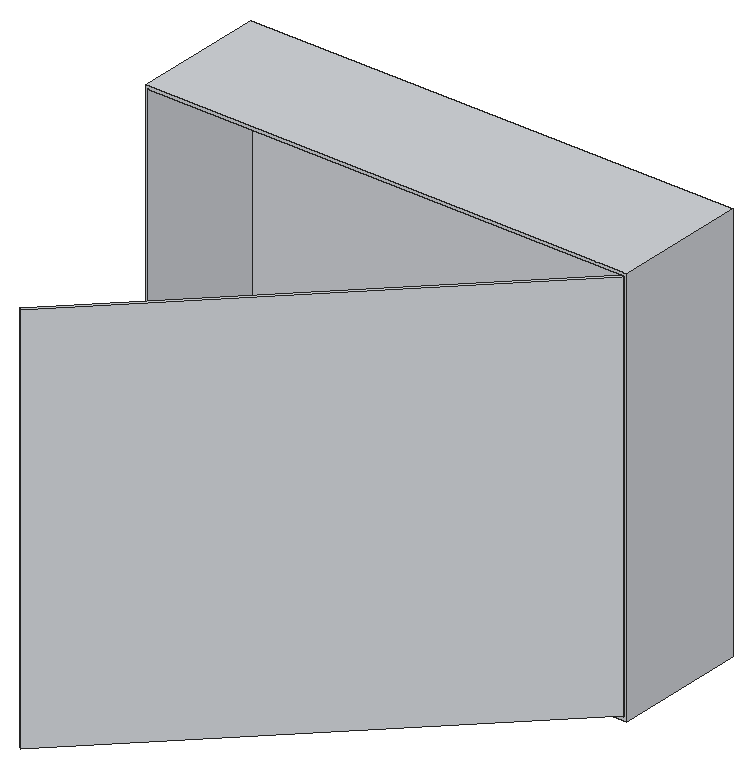
Revit family "Univers-IP41-leer-Aufputz-NoHosted-AT-de", category Electrical Equipment, Revit 2020
Family settings
  Panel Configuration = Two Columns, Circuits Across
  Round Connector Dimension = Use Diameter
  Part Type = Panelboard
  Work Plane-Based = Yes
  Always vertical = Yes
  Cut with Voids When Loaded = No
  Shared = No
  Room Calculation Point = No
Parameters (values of type "Aufputz IP41 B540 H450 T148 0 Teilungseinheiten - FB3008SN")
  Width Control [instance] = if([HG000006 - Unterputz], if([EF000846 - Einbaubreite] > min_whd, [EF000846 - Einbaubreite], min_whd), if([EF000008 - Breite] > min_whd, ([EF000008 - Breite]), min_whd))  # 540 mm
  Void Depth [instance] = if([EF000218 - Einbautiefe] > 1 mm, [EF000218 - Einbautiefe], 1 mm)  # 84 mm
  Type Comments = [HG000003 - Bereich]  # "Univers"
  System Height [instance] = Height Control - 2 * [HG000005 - Dicke]  # 444 mm
  Panel Name [instance] = ""  # (empty or 0)
  Offset [instance] = 0 mm
  Model = [HG000004 - Herstellerreferenz]  # "FB3008SN"
  Level Offset [instance] = [Flush Mounted - Door Frame Width] + Offset  # 0 mm
  HG000011 - Leere Reihen von unten = no
  HG000010 - Asymmetrische Türen = no
  HG000009 - Doppelflügeligen Tür = no
  HG000008 - Anzahl der leeren Reihen = 0
  HG000007 - Anzahl der leeren Spalten = 0
  HG000006 - Unterputz = no
  HG000005 - Dicke = 3 mm  # constant formula
  HG000004 - Herstellerreferenz = "FB3008SN"
  HG000003 - Bereich = "Univers"
  HG000002 - Mit tür = yes
  HG000001 - Anzahl der Spalten = 0
  EF015941 - Signaldurchlassende Tür = no
  EF015777 - Neutralleiterklemmenblock = no
  EF015776 - Erdungsklemmenblock = no
  EF009212 - Ausführung Deckel = "EV000116 - geschlossen"
  EF006306 - Mit Schloss = no
  EF006244 - Transparenter Deckel/Tür = no
  EF005474 - Schutzart (IP) = "EV006416 - IP41"
  EF004462 - Art der Schließung = "0"
  EF002950 - Breite in Teilungseinheiten = 0
  EF001596 - Werkstoff des Gehäuses = "EV000154 - sonstige"
  EF001134 - DIN-Schiene = no
  EF001131 - Innentiefe = 84 mm
  EF001088 - Anbaumöglichkeit = no
  EF001062 - EMV-Ausführung = no
  EF000846 - Einbaubreite = 300 mm
  EF000339 - Art der Abdeckung = "EV004216 - Tür"
  EF000332 - Einbauhöhe = 0 mm
  EF000266 - Anzahl der Reihen = 0
  EF000218 - Einbautiefe = 84 mm
  EF000118 - Mit Montageplatte = no
  EF000116 - RAL-Nummer = "9010"
  EF000049 - Tiefe = 148 mm
  EF000040 - Höhe = 450 mm
  EF000008 - Breite = 540 mm
  EF000007 - Farbe = "EV000202 - weiß"
  EF000003 - Montageart = "EV000384 - Aufputz"
  Description = ""
  Default Elevation = 1219.2 mm
  Arrow Offset [instance] = Depth Control / 8  # 18.5 mm
  Arrow Height [instance] = Depth Control - Arrow Offset  # 129.5 mm
  Host Offset [instance] = if([HG000006 - Unterputz], 0 mm, [EF000049 - Tiefe])  # 148 mm
  min_whd [instance] = (2 * [HG000005 - Dicke]) + 1 mm  # 7 mm
  Manufacturer = "Hager"  # constant formula
  Height Control [instance] = if([HG000006 - Unterputz], if([EF000332 - Einbauhöhe] > min_whd, [EF000332 - Einbauhöhe], min_whd), if([EF000040 - Höhe] > min_whd, ([EF000040 - Höhe]), min_whd))  # 450 mm
  Flush Mounted - Door Frame Width [instance] = if(([EF000040 - Höhe] - [EF000332 - Einbauhöhe]) > 0 mm, if([HG000006 - Unterputz], [EF000040 - Höhe] - [EF000332 - Einbauhöhe], 0 mm), 0 mm)  # 0 mm
  Tür rechts [instance] = yes
  Tür links [instance] = not(Tür rechts)  # no
  Türschwenkwinkel [instance] = 45.00°
  3D-Türsichtbarkeit [instance] = yes
  Depth Control [instance] = if([HG000006 - Unterputz], if([EF000218 - Einbautiefe] > 0 mm, [EF000218 - Einbautiefe], 1 mm), if([EF000049 - Tiefe] > 0 mm, ([EF000049 - Tiefe]), 1 mm))  # 148 mm
  Sichtbarkeit der Türöffnung [instance] = no
Types (3, lengths in mm): name | Width Control | System Height | Model | HG000004 - Herstellerreferenz | EF004462 - Art der Schließung | EF000846 - Einbaubreite | EF000049 - Tiefe | EF000040 - Höhe | EF000008 - Breite | Arrow Offset | Arrow Height | Host Offset | Height Control | Depth Control
  Aufputz IP41 B350 H350 T128 0 Teilungseinheiten - FB2008LN | 350 | 344 | "FB2008LN" | "FB2008LN" | "EV000154 - sonstige" | 200 | 128 | 350 | 350 | 16 | 112 | 128 | 350 | 128
  Aufputz IP41 B450 H450 T128 0 Teilungseinheiten - FB3008LN | 450 | 444 | "FB3008LN" | "FB3008LN" | "EV000154 - sonstige" | 300 | 128 | 450 | 450 | 16 | 112 | 128 | 450 | 128
  Aufputz IP41 B540 H450 T148 0 Teilungseinheiten - FB3008SN | 540 | 444 | "FB3008SN" | "FB3008SN" | "0" | 300 | 148 | 450 | 540 | 18.5 | 129.5 | 148 | 450 | 148
Reference planes
  plane 1 "Center (Front/Back)": y = 0
  plane 2: z = 0
  plane 3 "Center (Left/Right)": x = 0
  plane 4: y = 3
  plane 5: y = 0
  plane 6: y = 0
  plane 7: z = 0
  plane 8: x = -270
  plane 9: x = 270
  plane 10: x = 267
  plane 11: x = -267
  plane 12: z = 0
  plane 13: z = 3
  plane 14: y = -143
  plane 15: y = -148
  plane 16: y = -3
  plane 17: z = 447
  plane 18: z = 450
  plane 19: z = 225
  plane 20: x = 2000
  plane 21: x = 0
  plane 22: y = -2100
  plane 23: y = -100
Forms (mm)
  Extrusion 1, solid
    sketch origin (-208.679, -4572, 0) x (-1, 0, 0) y (0, -1, 0)
      loop
        line (61.321, -4424) -> (-478.679, -4424) -> (-478.679, -4572) -> (61.321, -4572) -> (61.321, -4424)
    from 0 to 450 <- "Height Control"
  Extrusion 2, void
    sketch origin (-350.771, -148, 1219.2) x (1, 0, 0) y (0, 0, 1)
      loop
        line (83.771, -772.2) -> (83.771, -1216.2) -> (617.771, -1216.2) -> (617.771, -772.2) -> (83.771, -772.2)
    from 0 to -145
  Extrusion 3, solid, detail levels coarse
    sketch origin (-350.771, -148, 1219.2) x (-1, 0, 0) y (0, 0, 1)
      loop
        line (-83.771, -772.2) -> (-617.771, -772.2) -> (-617.771, -1216.2) -> (-83.771, -1216.2) -> (-83.771, -772.2)
    from 0 to 3 <- "HG000005 - Dicke"
Cuts and joins
  Extrusion 2 cuts Extrusion 1
Dimensions and locks
  "Flush Mounted - Door Frame Width": plane 1 "Center (Front/Back)" to plane 6
  "HG000005 - Dicke": plane 4 to plane 6
  "HG000005 - Dicke": plane 8 to plane 11
  "HG000005 - Dicke": plane 9 to plane 10
  equal spacing: plane 8, plane 3 "Center (Left/Right)", plane 9
  "Width Control": plane 8 to plane 9
  locked: plane 14 to plane 15 at 5
  "Host Offset": plane 1 "Center (Front/Back)" to plane 15
  "Depth Control": plane 5 to plane 15
  "HG000005 - Dicke": plane 5 to plane 16
  "HG000005 - Dicke": plane 13 to plane 12
  "Level Offset": plane 12 to level
  "HG000005 - Dicke": plane 18 to plane 17
  "Height Control": plane 18 to plane 12
  "Arrow Offset": plane 5 to nested 4
  equal spacing: plane 18, plane 19, plane 12
  locked: connector elem to plane 19
  locked: connector elem to plane 3 "Center (Left/Right)"
  locked: plane 3 "Center (Left/Right)" to plane 20 at 2000
  locked: plane 21 to plane 20 at 2000
  locked: plane 23 to plane 22 at 2000
  aligned and locked: nested 1 to plane 14
  aligned and locked: plane 3 "Center (Left/Right)" to nested 1
  aligned and locked: plane 3 "Center (Left/Right)" to nested 2
  aligned and locked: nested 2 to plane 15
  aligned and locked: plane 5 to Extrusion 1
  aligned and locked: Extrusion 3 sketch curve to plane 17
  aligned and locked: Extrusion 3 sketch curve to plane 11
  aligned and locked: Extrusion 3 sketch curve to plane 13
  aligned and locked: Extrusion 3 sketch curve to plane 10
  aligned and locked: Extrusion 2 sketch curve to plane 13
  aligned and locked: Extrusion 2 sketch curve to plane 10
  aligned and locked: Extrusion 2 sketch curve to plane 17
  aligned and locked: Extrusion 2 sketch curve to plane 11
  aligned and locked: plane 16 to Extrusion 2
  aligned and locked: plane 5 to Extrusion 1 sketch curve
  aligned and locked: plane 9 to Extrusion 1 sketch curve
  aligned and locked: plane 8 to Extrusion 1 sketch curve
  aligned and locked: plane 8 to nested 4
  aligned and locked: plane 8 to nested 3
  aligned and locked: nested 3 to plane 5
  aligned and locked: Extrusion 1 sketch curve to plane 15
  aligned and locked: Extrusion 2 to plane 15
Nested families
  nested 1: "Hager_Enclosure_System" at (0, -143, 3), No_Columns <- "HG000001 - Anzahl der Spalten", Flush_Mounted <- "HG000006 - Unterputz", Width <- "EF000008 - Breite", Height <- "System Height", Width_Control <- "Width Control", Row_Module_Multiplicator <- "EF002950 - Breite in Teilungseinheiten", Empty_Columns <- "HG000007 - Anzahl der leeren Spalten", No_Rows <- "EF000266 - Anzahl der Reihen", Built-in_Width <- "EF000846 - Einbaubreite", Border <- "HG000005 - Dicke", Total_No_Empty_Rows <- "HG000008 - Anzahl der leeren Reihen", Depth <- "HG000005 - Dicke", Empty_Rows_From_Bottom <- "HG000011 - Leere Reihen von unten", type "Hager_Enclosure_System", detail levels medium+fine
    with Width_Control 540 mm, Width 540 mm, Total_No_Rows 0, Total_No_Empty_Rows 0, Total_No_Columns 1, System_Width 534 mm, Rows_Column 0, Row_Module_Multiplicator 0, Panel_4 no, Panel_3 no, Panel_2 no, Panel_1 no, No_Rows 0, No_Panels_Ctrl 1, No_Columns 0, Hide_Columns yes, Height 444 mm, Flush_Mounted no, Empty_Rows_From_Bottom no, Empty_Rows_Column 0, Empty_Columns 0, Depth 3 mm, Column_Width 534 mm, Built-in_Width 300 mm, Border 3 mm
  nested 2: "Hager_Enclosure_Door" at (0, -148, 0), Double <- "HG000009 - Doppelflügeligen Tür", Height_Ctrl <- "Height Control", Transparent <- "EF006244 - Transparenter Deckel/Tür", Depth <- "EF000049 - Tiefe", Height <- "EF000040 - Höhe", Angle <- "Türschwenkwinkel", Door_Right <- "Tür rechts", Assymetrical <- "HG000010 - Asymmetrische Türen", Flush_Mounted <- "HG000006 - Unterputz", BuiltIn_Depth <- "EF000218 - Einbautiefe", BuiltIn_Width <- "EF000846 - Einbaubreite", Door <- "HG000002 - Mit tür", Width_Ctrl <- "Width Control", 3d_Door <- "3D-Türsichtbarkeit", Width <- "EF000008 - Breite", Border <- "HG000005 - Dicke", BuiltIn_Height <- "EF000332 - Einbauhöhe", Clearance <- "Sichtbarkeit der Türöffnung", Door_Left <- "Tür links", type "Hager_Enclosure_Door", detail levels medium+fine
    with min_wh 7 mm, Width_Ctrl 540 mm, Width 540 mm, Transparent no, Leaf_Width 531 mm, Leaf_Tolerance 1.5 mm, Leaf_Height 441 mm, Leaf_2_Width 531 mm, Leaf_2_Offset 265.5 mm, Leaf_1_Width 531 mm, Leaf_1_Offset 265.5 mm, Height_Ctrl 450 mm, Height 450 mm, Frame_Width_Ctrl 240 mm, Frame_Width 240 mm, Frame_Internal_Offset 0 mm, Frame_Height_Ctrl 450 mm, Frame_Height 450 mm, Frame_Depth_Ctrl 1 mm, Frame_Depth 0 mm, Flush_Mounted no, Double_Clearance_Ctrl no, Double no, Door_Right_Ctrl yes, Door_Right yes, Door_Left_Ctrl no, Door_Left no, Door yes, Depth 148 mm, Clearance_Depth 531 mm, Clearance_Ctrl no, Clearance no, BuiltIn_Width 300 mm, BuiltIn_Height 0 mm, BuiltIn_Depth 84 mm, Border 3 mm, Assymetrical no, Angle 45.00°, 3d_Door yes
  nested 3: "Hager_Enclosure_Symbol_Triangle" at (-270, 0, 0), Depth <- "Depth Control", Width <- "Width Control", type "Hager_Enclosure_Symbol_Triangle"
    with Width_Ctrl 540 mm, Width 540 mm, Depth_Ctrl 148 mm, Depth 148 mm
  nested 4: "Hager_Enclosure_Symbol_Arrow" at (-270, -18.5, 0), Height <- "Arrow Height", type "Hager_Enclosure_Symbol_Arrow"
    with Width_Inside 9.713 mm, Width 116.55 mm, Height_Ctrl 129.5 mm, Height 129.5 mm
Connectors
  electrical at (0, 0, 225)
    settings: on plane 5, index 1, voltage 0 V, apparent load 0 VA, apparent load phase1 0 VA, apparent load phase2 0 VA, apparent load phase3 0 VA, power factor 1, load classification "Other", number of poles 1, system type 30, power factor state 1, is connector primary yes, connector utility no, sub classification motor no, connector description ""
Definition of nested family "Hager_Enclosure_Door"
  Parameters (values of type "Hager_Enclosure_Door")
    min_wh [instance] = (2 * Border) + 1 mm  # 11 mm
    Width_Ctrl [instance] = 400 mm
    Width [instance] = 500 mm
    Transparent [instance] = yes
    Leaf_Width [instance] = if((Width_Ctrl - 2 * Border - 2 * Leaf_Tolerance) > 0 mm, (Width_Ctrl - 2 * Border - 2 * Leaf_Tolerance), min_wh)  # 387 mm
    Leaf_Tolerance [instance] = 1.5 mm  # constant formula
    Leaf_Height [instance] = if((Height_Ctrl - 2 * Border - 2 * Leaf_Tolerance) > 0 mm, (Height_Ctrl - 2 * Border - 2 * Leaf_Tolerance), min_wh)  # 387 mm
    Leaf_2_Width [instance] = if(and(and(Double, Assymetrical), Door_Left), (Leaf_Width / 3) - (Leaf_Tolerance / 2), if(and(and(Double, Assymetrical), Door_Right), (Leaf_Width / 3) * 2 - (Leaf_Tolerance / 2), if(and(Double, not(Assymetrical)), (Leaf_Width / 2) - Leaf_Tolerance, Leaf_Width)))  # 192 mm
    Leaf_2_Offset [instance] = if(and(Double, Assymetrical), Leaf_2_Width / 2, if(and(Double, not(Assymetrical)), Leaf_Width / 4, Leaf_Width / 2))  # 96.75 mm
    Leaf_1_Width [instance] = if(and(and(Double, Assymetrical), Door_Right), (Leaf_Width / 3) - (Leaf_Tolerance / 2), if(and(and(Double, Assymetrical), Door_Left), (Width / 3) * 2 - (Leaf_Tolerance / 2), if(and(Double, not(Assymetrical)), (Leaf_Width / 2) - Leaf_Tolerance, Leaf_Width)))  # 192 mm
    Leaf_1_Offset [instance] = if(and(Double, Assymetrical), Leaf_1_Width / 2, if(and(Double, not(Assymetrical)), Leaf_Width / 4, Leaf_Width / 2))  # 96.75 mm
    Height_Ctrl [instance] = 400 mm
    Height [instance] = 500 mm
    Frame_Width_Ctrl [instance] = if(Frame_Width > 0 mm, Frame_Width, 1 mm)  # 1 mm
    Frame_Width [instance] = Width - BuiltIn_Width  # 0 mm
    Frame_Internal_Offset [instance] = if(Flush_Mounted, Border, 0 mm)  # 0 mm
    Frame_Height_Ctrl [instance] = if(Frame_Height > 0 mm, Frame_Height, 1 mm)  # 1 mm
    Frame_Height [instance] = Height - BuiltIn_Height  # 0 mm
    Frame_Depth_Ctrl [instance] = if(Frame_Depth > 0 mm, Frame_Depth, 1 mm)  # 1 mm
    Frame_Depth [instance] = if(Depth - BuiltIn_Depth > 0 mm, if(Flush_Mounted, Depth - BuiltIn_Depth, 0 mm), 0 mm)  # 0 mm
    Flush_Mounted [instance] = no
    Double_Clearance_Ctrl [instance] = and(Double, Clearance)  # yes
    Double [instance] = yes
    Door_Right_Ctrl [instance] = and(or(Door_Right, Double), Door)  # yes
    Door_Right [instance] = yes
    Door_Left_Ctrl [instance] = and(or(Door_Left, Double), Door)  # yes
    Door_Left [instance] = no
    Door [instance] = yes
    Depth [instance] = 500 mm
    Default Elevation = 1219.2 mm
    Clearance_Material = none
    Clearance_Depth [instance] = if(Leaf_1_Width > Leaf_2_Width, Leaf_1_Width, Leaf_2_Width)  # 192 mm
    Clearance_Ctrl [instance] = and(not(Double), Clearance)  # no
    Clearance [instance] = yes
    BuiltIn_Width [instance] = 500 mm
    BuiltIn_Height [instance] = 500 mm
    BuiltIn_Depth [instance] = 500 mm
    Border [instance] = 5 mm
    Assymetrical [instance] = no
    Angle [instance] = 65.00°
    3d_Door [instance] = yes
  Reference planes
    plane 1 "Center (Front/Back)": y = 0
    plane 2 "Bottom": z = 0
    plane 3 "Center (Left/Right)": x = 0
    plane 4: z = 400
    plane 5: x = -200
    plane 6: x = 200
    plane 7: z = 395
    plane 8: x = -195
    plane 9: z = 5
    plane 10: x = 195
    plane 11: y = 0
    plane 12: z = 6.5
    plane 13: x = -387
    plane 14: y = -192
    plane 15: x = 387
    plane 16: x = -96.75
    plane 17: x = 96.75
    plane 18: x = -193.5
    plane 19: x = 193.5
    plane 20: z = 393.5
  Forms (mm)
    Extrusion 1, solid, visible <- "Flush_Mounted"
      sketch origin (0, 0, 0) x (1, 0, 0) y (0, 0, 1)
        loop
          line (200, 0) -> (200, 400) -> (-200, 400) -> (-200, 0) -> (200, 0)
        loop
          line (-201, 401) -> (-201, -1) -> (201, -1) -> (201, 401) -> (-201, 401)
      from 0 to 1 <- "Frame_Depth_Ctrl"
    Extrusion 2, solid, material <- "Clearance_Material", visible <- "Double_Clearance_Ctrl"
      sketch origin (1200, 0, 0) x (1, 0, 0) y (0, 0, -1)
        loop
          line (-1587, -393.5) -> (-813, -393.5) -> (-813, 0) -> (-1587, 0) -> (-1587, -393.5)
      from 0 to -192
  Dimensions and locks
    equal spacing: plane 5, plane 3 "Center (Left/Right)", plane 6
    "Width_Ctrl": plane 5 to plane 6
    "Border": plane 5 to plane 8
    "Border": plane 6 to plane 10
    "Border": plane 9 to level
    "Border": plane 4 to plane 7
    "Height_Ctrl": plane 4 to level
    "Leaf_Tolerance": plane 12 to plane 9
    "Frame_Depth": plane 11 to plane 1 "Center (Front/Back)"
    "Frame_Width_Ctrl": plane 5 to Extrusion 1 sketch curve
    "Frame_Width_Ctrl": plane 6 to Extrusion 1 sketch curve
    "Frame_Width_Ctrl": Extrusion 1 sketch curve to plane 4
    "Frame_Width_Ctrl": plane 2 "Bottom" to Extrusion 1 sketch curve
    "Leaf_1_Offset": plane 18 to plane 16
    "Leaf_2_Offset": plane 17 to plane 19
    "Leaf_1_Width": plane 13 to plane 8
    "Leaf_2_Width": plane 10 to plane 15
    "Clearance_Depth": plane 14 to plane 1 "Center (Front/Back)"
    "Leaf_Tolerance": plane 8 to plane 18
    "Leaf_Tolerance": plane 19 to plane 10
    "Leaf_Tolerance": plane 7 to plane 20
    "Frame_Internal_Offset": plane 5 to Extrusion 1 sketch curve
    "Frame_Internal_Offset": Extrusion 1 sketch curve to plane 2 "Bottom"
    "Frame_Internal_Offset": plane 6 to Extrusion 1 sketch curve
    "Frame_Internal_Offset": plane 4 to Extrusion 1 sketch curve
    aligned and locked: level to plane 2 "Bottom"
    aligned and locked: nested 1 to plane 16
    aligned and locked: nested 2 to plane 17
    aligned and locked: Extrusion 2 to plane 13
    aligned and locked: plane 15 to Extrusion 2
    aligned and locked: Extrusion 2 to plane 14
    aligned and locked: plane 12 to nested 1
    aligned and locked: nested 2 to plane 12
    aligned and locked: Extrusion 2 to plane 11
    aligned and locked: plane 20 to Extrusion 2
    aligned and locked: nested 2 to plane 11
    aligned and locked: nested 1 to plane 11
  Automatic sketch dimensions
    Extrusion 2 sketch curve to level = 0 mm
    plane 5 to Extrusion 2 sketch curve = 187 mm
    plane 6 to Extrusion 2 sketch curve = 187 mm
    Extrusion 2 sketch curve to plane 4 = 6.5 mm
  Nested families
    nested 1: "Hager_Enclosure_Door_Leaf" at (-96.75, 0, 6.5), Width <- "Leaf_1_Width", visible <- "Door_Left_Ctrl", Leaf_Height <- "Leaf_Height", Angle <- "Angle", Depth <- "Border", 3d_Door <- "3d_Door", Transparent <- "Transparent", Clearance Material <- "Clearance_Material", Clearance <- "Clearance_Ctrl", type "Hager_Enclosure_Door_Leaf"
      with Width 192 mm, Transparent_Door_Border 25 mm, Transparent_Ctrl yes, Transparent yes, Standard no, Leaf_Height 387 mm, Glass_Offset 1 mm, Depth 5 mm, Clearance Material none, Clearance no, Angle_Ctrl 65.00°, Angle 65.00°, 3d_Door yes
    nested 2: "Hager_Enclosure_Door_Leaf" at (96.75, 0, 6.5) x (-1, 0, 0) z (0, 0, 1), Width <- "Leaf_2_Width", visible <- "Door_Right_Ctrl", Leaf_Height <- "Leaf_Height", Angle <- "Angle", Depth <- "Border", 3d_Door <- "3d_Door", Transparent <- "Transparent", Clearance Material <- "Clearance_Material", Clearance <- "Clearance_Ctrl", type "Hager_Enclosure_Door_Leaf"
      with Width 192 mm, Transparent_Door_Border 25 mm, Transparent_Ctrl yes, Transparent yes, Standard no, Leaf_Height 387 mm, Glass_Offset 1 mm, Depth 5 mm, Clearance Material none, Clearance no, Angle_Ctrl 65.00°, Angle 65.00°, 3d_Door yes
  Definition of nested family "Hager_Enclosure_Door_Leaf"
    Parameters (values of type "Hager_Enclosure_Door_Leaf")
      Width [instance] = 200 mm
      Transparent_Door_Border [instance] = 25 mm  # constant formula
      Transparent_Ctrl [instance] = and(Transparent, [3d_Door])  # yes
      Transparent [instance] = yes
      Standard [instance] = and(not(Transparent), [3d_Door])  # no
      Leaf_Height [instance] = 500 mm
      Glass_Offset [instance] = if((Depth - 10 mm) / 2 > 0 mm, (Depth - 10 mm) / 2, 1 mm)  # 1 mm
      Glass_Material = none
      Depth [instance] = 3 mm
      Default Elevation = 0 mm
      Clearance Material [instance] = none
      Clearance [instance] = no
      Angle_Ctrl [instance] = if(Angle > 170.00°, 170.00°, Angle)  # 163.00°
      Angle [instance] = 163.00°
      3d_Door [instance] = yes
    Reference planes
      plane 1 "Center (Front/Back)": y = 0
      plane 2: z = 0
      plane 3 "Center (Left/Right)": x = 0
      plane 4: y = 200
      plane 5: x = -100
      plane 6: x = 100
      plane 7: x = -300
      plane 8: z = 500
      plane 9: z = 25
      plane 10: z = 475
      plane 11: x = 75
      plane 12: x = -75
    Forms (mm)
      Extrusion 1, solid, material <- "Clearance Material", visible <- "Clearance"
        sketch origin (0, 0, 0) x (1, 0, 0) y (0, 0, 1)
          loop
            line (-300, 500) -> (-300, 0) -> (100, 0) -> (100, 500) -> (-300, 500)
        from 0 to -200
      Extrusion 2, solid, visible <- "Standard", detail levels fine
        sketch origin (-100, 0, 0) x (-0.956305, 0.292372, 0) y (-0.292372, -0.956305, 0)
          loop
            line (0, -3) -> (200, -3) -> (200, 0) -> (0, 0) -> (0, -3)
        from 0 to 500 <- "Leaf_Height"
      Extrusion 3, solid, visible <- "Transparent_Ctrl", detail levels fine
        sketch origin (-100, 0, 0) x (-0.956305, 0.292372, 0) y (-0.292372, -0.956305, 0)
          loop
            line (0, -3) -> (200, -3) -> (200, 0) -> (0, 0) -> (0, -3)
        from 0 to 500 <- "Leaf_Height"
      Extrusion 4, void, detail levels fine
        sketch origin (-100, 0, 0) x (-0.292372, -0.956305, 0) y (-0.956305, 0.292372, 0)
          loop
            line (0, 25) -> (0, 175) -> (-3, 175) -> (-3, 25) -> (0, 25)
        from -475 to -25
      Extrusion 5, solid, material <- "Glass_Material", visible <- "Transparent_Ctrl", detail levels fine
        sketch origin (-100, 0, 0) x (-0.956305, 0.292372, 0) y (-0.292372, -0.956305, 0)
          loop
            line (25, -1) -> (25, -2) -> (175, -2) -> (175, -1) -> (25, -1)
        from 25 to 475
    Cuts and joins
      Extrusion 4 cuts Extrusion 3
    Lines and regions (mm)
      symbolic lines
        curve 1: line (100, 0, 0) -> (-300, 0, 0)
        curve 2: arc (100, 0, 0) -> (-100, 200, 0) -> (-300, 0, 0) r 200
        curve 4: line (-100, 0, 0) -> (-291.261, 58.474, 0)
      reference lines
        curve 3: line (-100, 0, 0) -> (-291.261, 58.474, 0)
      symbolic lines, detail levels medium+fine
        curve 5: line (-291.261, 58.474, 0) -> (-290.384, 61.343, 0)
        curve 6: line (-290.384, 61.343, 0) -> (-99.123, 2.869, 0)
        curve 7: line (-99.123, 2.869, 0) -> (-100, 0, 0)
      symbolic lines, detail levels fine
        curve 8: line (-100, 0, 500) -> (100, 0, 500)
        curve 9: line (-100, 0, 0) -> (-100, 0, 500)
        curve 10: line (100, 0, 0) -> (-100, 0, 0)
        curve 11: line (100, 0, 500) -> (100, 0, 0)
      symbolic lines, visible <- "Transparent_Ctrl", detail levels fine
        curve 12: line (-75, 0, 475) -> (75, 0, 475)
        curve 13: line (-75, 0, 25) -> (-75, 0, 475)
        curve 14: line (75, 0, 25) -> (-75, 0, 25)
        curve 15: line (75, 0, 475) -> (75, 0, 25)
    Dimensions and locks
      "Width": plane 1 "Center (Front/Back)" to plane 4
      equal spacing: plane 5, plane 3 "Center (Left/Right)", plane 6
      "Width": plane 5 to plane 6
      "Width": plane 7 to plane 5
      "Leaf_Height": plane 8 to level
      "Depth": curve 6 to curve 3
      "Width": curve 5 to curve 3
      "Width": curve 3 to curve 3
      "Transparent_Door_Border": Extrusion 4 sketch curve to curve 7
      "Transparent_Door_Border": Extrusion 4 sketch curve to curve 5
      "Transparent_Door_Border": plane 8 to plane 10
      "Transparent_Door_Border": plane 9 to level
      "Glass_Offset": Extrusion 5 sketch curve to curve 4
      "Glass_Offset": Extrusion 5 sketch curve to curve 6
      "Transparent_Door_Border": Extrusion 5 sketch curve to curve 5
      "Transparent_Door_Border": Extrusion 5 sketch curve to curve 7
      "Transparent_Door_Border": plane 12 to plane 5
      "Transparent_Door_Border": plane 6 to plane 11
      "Angle_Ctrl": angle plane 1 "Center (Front/Back)" to curve 3
      aligned and locked: level to plane 2
      aligned and locked: Extrusion 1 to curve 1
      aligned and locked: plane 6 to Extrusion 1
      aligned and locked: plane 1 "Center (Front/Back)" to Extrusion 1
      aligned and locked: plane 4 to Extrusion 1
      aligned and locked: plane 8 to Extrusion 1
      aligned and locked: curve 4 to curve 3
      aligned and locked: Extrusion 2 sketch curve to curve 7
      aligned and locked: Extrusion 2 sketch curve to curve 6
      aligned and locked: Extrusion 2 sketch curve to curve 5
      aligned and locked: Extrusion 2 sketch curve to curve 3
      aligned and locked: curve 7 to Extrusion 3 sketch curve
      aligned and locked: Extrusion 3 sketch curve to curve 4
      aligned and locked: Extrusion 3 sketch curve to curve 6
      aligned and locked: Extrusion 3 sketch curve to curve 5
      aligned and locked: curve 4 to Extrusion 4 sketch curve
      aligned and locked: curve 6 to Extrusion 4 sketch curve
      aligned and locked: Extrusion 4 to plane 9
      aligned and locked: Extrusion 4 to plane 10
      aligned and locked: Extrusion 5 to plane 9
      aligned and locked: Extrusion 5 to plane 10
      aligned and locked: curve 8 to plane 8
      aligned and locked: plane 5 to curve 9
      aligned and locked: plane 2 to curve 10
      aligned and locked: curve 11 to plane 6
      aligned and locked: plane 10 to curve 12
      aligned and locked: plane 12 to curve 13
      aligned and locked: plane 9 to curve 14
      aligned and locked: plane 11 to curve 15
    Automatic sketch dimensions
      plane 1 "Center (Front/Back)" to curve 2 = 0 mm
      curve 2 to plane 5 = 0 mm
      Extrusion 1 sketch curve to level = 0 mm
      Extrusion 1 sketch curve to plane 7 = 0 mm
      Extrusion 1 sketch curve to plane 6 = 0 mm
      Extrusion 1 sketch curve to plane 8 = 0 mm
      plane 1 "Center (Front/Back)" to curve 3 = 0 mm
      curve 3 to plane 5 = 0 mm
      curve 7 to curve 3 = 0 mm
Definition of nested family "Hager_Enclosure_Symbol_Triangle"
  Parameters (values of type "Hager_Enclosure_Symbol_Triangle")
    Width_Ctrl [instance] = if(Width > 1 mm, Width, 1 mm)  # 498 mm
    Width [instance] = 498 mm
    Depth_Ctrl [instance] = if(Depth > 1 mm, Depth, 1 mm)  # 72 mm
    Depth [instance] = 72 mm
  Reference planes
    plane 1 "Centre (avant/arrière)": y = 0
    plane 2: z = 0
    plane 3 "Centre (gauche/droite)": x = 0
  Lines and regions (mm)
    Filled region 1, type "Solid_Black", in view "Niveau de réf."
      outline origin (0, 0, 0) x (1, 0, 0) y (0, 1, 0)
        loop
          line (0, 0) -> (498, 0) -> (498, 72) -> (0, 0)
    reference lines, in view "Niveau de réf."
      curve 1: line (-206.153, 72, 0) -> (1083.258, 72, 0)
      curve 2: line (498, 405.456, 0) -> (498, -517.619, 0)
  Dimensions and locks
    "Depth_Ctrl": plane 1 "Centre (avant/arrière)" to curve 1
    "Width_Ctrl": plane 3 "Centre (gauche/droite)" to curve 2
    aligned and locked: curve 1 to Filled region 1 sketch curve
    aligned and locked: Filled region 1 sketch curve to plane 1 "Centre (avant/arrière)"
    aligned and locked: curve 2 to Filled region 1 sketch curve
    aligned and locked: plane 3 "Centre (gauche/droite)" to Filled region 1 sketch curve
    aligned and locked: plane 1 "Centre (avant/arrière)" to Filled region 1 sketch curve
  Automatic sketch dimensions
    curve 1 to plane 3 "Centre (gauche/droite)" = 206.153 mm
    curve 2 to curve 1 = 585.258 mm
    plane 1 "Centre (avant/arrière)" to curve 2 = 517.619 mm
    curve 2 to plane 1 "Centre (avant/arrière)" = 405.456 mm
Definition of nested family "Hager_Enclosure_Symbol_Arrow"
  Parameters (values of type "Hager_Enclosure_Symbol_Arrow")
    Width_Inside [instance] = if(Width / 12 > 2 mm, Width / 12, 2 mm)  # 4.987 mm
    Width [instance] = if(Height_Ctrl * 0.9 > 2 mm, Height_Ctrl * 0.9, 2 mm)  # 59.85 mm
    Height_Ctrl [instance] = if(Height > 2 mm, Height, 2 mm)  # 66.5 mm
    Height [instance] = 66.5 mm
  Reference planes
    plane 1 "Centre (avant/arrière)": y = 0
    plane 2: z = 0
    plane 3 "Centre (gauche/droite)": x = 0
    plane 4: x = 59.85
    plane 5: y = 28.263
    plane 6: y = 38.238
    plane 7: y = 66.5
    plane 8: x = 29.925
    plane 9: y = 33.25
  Lines and regions (mm)
    Filled region 1, type "Solid_Black", in view "Niveau de réf."
      outline origin (0, 0, 0) x (1, 0, 0) y (0, 1, 0)
        loop
          line (59.85, 66.5) -> (37.929, 52.827) -> (51.846, 41.935) -> (59.85, 66.5)
    detail lines, in view "Niveau de réf."
      curve 1: line (0, 0, 0) -> (29.925, 38.238, 0)
      curve 2: line (29.925, 38.238, 0) -> (29.925, 28.263, 0)
      curve 3: line (29.925, 28.263, 0) -> (59.85, 66.5, 0)
  Dimensions and locks
    "Width": plane 3 "Centre (gauche/droite)" to plane 4
    "Height_Ctrl": plane 7 to plane 1 "Centre (avant/arrière)"
    equal spacing: plane 3 "Centre (gauche/droite)", plane 8, plane 4
    equal spacing: plane 7, plane 9, plane 1 "Centre (avant/arrière)"
    equal spacing: plane 6, plane 9, plane 5
    "Width_Inside": plane 6 to plane 9
    equal spacing: curve 3, Filled region 1 sketch curve, Filled region 1 sketch curve
    angle Filled region 1 sketch curve to curve 3 = 20.00°
    angle curve 3 to Filled region 1 sketch curve = 20.00°
    locked: curve 3 to Filled region 1 sketch curve (angle 90.00°)
  Automatic sketch dimensions
    plane 1 "Centre (avant/arrière)" to curve 1 = 0 mm
    curve 1 to plane 3 "Centre (gauche/droite)" = 0 mm
    curve 2 to plane 6 = 0 mm
    curve 3 to plane 8 = 0 mm
    curve 3 to plane 4 = 0 mm
    curve 2 to plane 5 = 0 mm
    curve 3 to plane 7 = 0 mm
    Filled region 1 sketch curve to plane 4 = 0 mm
    Filled region 1 sketch curve to plane 7 = 0 mm
